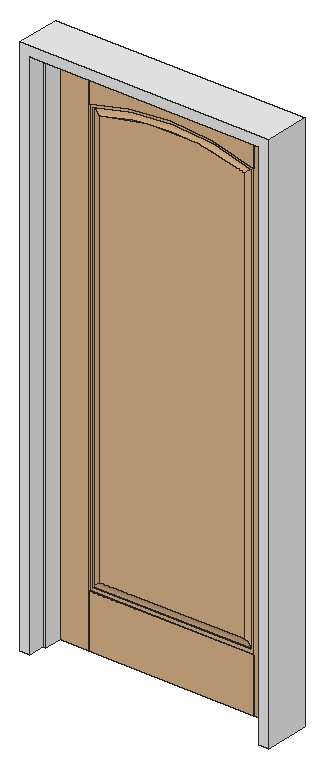
Revit family
Parameters (values of type "1 3/4" Raised Panel")
  URL = "http://www.karonadoor.com"
  Thickness Note = "Do not edit thickness."  # constant formula
  Thickness = 1.774"
  Swing Angle 2D = 90.00°
  SmartBIM Object Version = 1  # constant formula
  SmartBIM Object Created By = "Reed Construction Data"  # constant formula
  Rough Width = 0.000"
  Rough Height = 1.750"
  Panel = Panel_A6000_Karona : 1 3/4" Raised
  Model = "A6000 Mission"  # constant formula
  Manufacturer = "Karona , Inc."  # constant formula
  Door Panel = Wood, Cherry - Grain Vertical
  Detail Door Thickness = 1.750"
  Assembly Code = ""
  Top Rail Height = 5.000"
  Top Rail = Wood, Cherry - Grain Horizontal
  Stile Width = 5.063"
  Stile = Wood, Cherry - Grain Vertical
  Sticking = Wood, Cherry - Grain Vertical
  Middle Rail = Wood, Cherry - Grain Horizontal
  Height = 84.000"
  Wall Closure = (empty or 0)
  Width = 36.000"
  Frame = Metal
  Bottom Rail Height = 8.500"
  Bottom Rail = Wood, Cherry - Grain Horizontal
  95 CSI = "08210"  # constant formula
  04 CSI = "08 14 33"  # constant formula
Types (9): name | Thickness | Rough Height | Panel | Door Panel | Detail Door Thickness
  1 3/4" Flat Panel | 1.774" | 1.750" | Panel_A6000_Karona : 1 3/4" - Flat Panel | Wood, Cherry - Grain Vertical | 1.750"
  1 3/8" Flat Panel | 1.334" | 0.000" | Panel_A6000_Karona : 1 3/8" - Flat Panel | Wood, Cherry - Grain Vertical | 1.375"
  2 1/4" Flat Panel | 2.250" | 0.000" | Panel_A6000_Karona : 2 1/4" - Flat Panel | Wood, Cherry - Grain Vertical | 2.250"
  1 3/4" Glass Panel | 1.774" | 1.750" | Panel_A6000_Karona : 1 3/4" - Glass Panel | Glass | 1.750"
  1 3/8" Glass Panel | 1.334" | 0.000" | Panel_A6000_Karona : 1 3/8" - Glass Panel | Glass | 1.375"
  2 1/4" Glass Panel | 2.250" | 0.000" | Panel_A6000_Karona : 2 1/4" - Glass | Glass | 2.250"
  1 3/4" Raised Panel | 1.774" | 1.750" | Panel_A6000_Karona : 1 3/4" Raised | Wood, Cherry - Grain Vertical | 1.750"
  1 3/8" Raised Panel | 1.334" | 0.000" | Panel_A6000_Karona : 1 3/8"Raised | Wood, Cherry - Grain Vertical | 1.375"
  2 1/4" Raised Panel | 2.250" | 0.000" | Panel_A6000_Karona : 2 1/4" Raised | Wood, Cherry - Grain Vertical | 2.250"
Reference planes (in)
  plane 1 "Center (Front/Back)": y = 0
  plane 2 "Center (Left/Right)": x = 0
  plane 3 "Left": x = -18
  plane 4 "Right": x = 18
  plane 5 "Top": z = 84
  plane 6 "Exterior Edge of Frame": y = 2.334
  plane 7 "Interior Edge of Frame": y = -4.666
  plane 8: y = 0.56
  plane 9: y = -2.166
  plane 10 "Opening Left": x = -19.5
  plane 11 "Opening Right": x = 19.5
  plane 12 "Top of Opening": z = 85.5
  plane 13: x = -17.5
Forms (in)
  Sweep 1, solid, material "Metal" <- "Frame"
    path origin (0, 0, 0) x (1, 0, 0) y (0, 0, 1)
      loop
        line (-19.5, 0) -> (-19.5, 85.5) -> (19.5, 85.5) -> (19.5, 0)
    profile origin (-19.5, 0, 42.75) x (-1, 0, 0) y (0, -1, 0)
      loop
        line (0, -2.334) -> (0, 4.666) -> (-1.5, 4.666) -> (-1.5, 2.166) -> (-2, 2.166) -> (-2, -0.56) -> (-1.5, -0.56) -> (-1.5, -2.334) -> (0, -2.334)
Lines and regions (in)
  Opening 1
    outline origin (-90, -4.166, 0) x (1, 0, 0) y (0, 0, 1)
      loop
        line (70.5, 0) -> (109.5, 0) -> (109.5, 85.5) -> (70.5, 85.5) -> (70.5, 0)
  symbolic lines, style "Elevation Swing"
    curve 1: line (18, 1.834, 0) -> (-18, 1.834, 42)
    curve 2: line (-18, 1.834, 42) -> (18, 1.834, 84)
Text (in)
  text "Exterior" at (-46.13199, -14.93641, 0), in view "Ref. Level"
  text "Interior" at (-46.13199, 29.36774, 0), in view "Ref. Level"
  text "Exterior" at (0, 40.15149, 123.01588), in view "Right"
  text "Interior" at (0, -64.39139, 123.01588), in view "Right"
  text "Interior" at (0, -31.01599, 123.00693), in view "Left"
  text "Exterior" at (0, 54.57065, 123.00693), in view "Left"
Dimensions and locks (in)
  "Height": level to plane 5 "Top"
  "Width": plane 3 "Left" to plane 4 "Right"
  equal spacing: host wall, curve 2, plane 5 "Top"
  locked: host wall to plane 7 "Interior Edge of Frame" at 0.5
  locked: plane 6 "Exterior Edge of Frame" to host wall at 0.5
  locked: plane 9 to plane 7 "Interior Edge of Frame" at 2.5
  "Thickness": plane 6 "Exterior Edge of Frame" to plane 8
  equal spacing: plane 3 "Left", plane 2 "Center (Left/Right)", plane 4 "Right"
  locked: plane 4 "Right" to plane 11 "Opening Right" at 1.5
  locked: plane 5 "Top" to plane 12 "Top of Opening" at 1.5
  locked: plane 3 "Left" to plane 13 at 0.5
  locked: plane 10 "Opening Left" to plane 3 "Left" at 1.5
  aligned and locked: Opening 1 sketch curve to level
  aligned and locked: plane 4 "Right" to curve 1
  aligned and locked: plane 3 "Left" to curve 1
  aligned and locked: plane 5 "Top" to curve 2
  aligned and locked: Opening 1 sketch curve to plane 11 "Opening Right"
  aligned and locked: plane 12 "Top of Opening" to Opening 1 sketch curve
  aligned and locked: Opening 1 sketch curve to plane 10 "Opening Left"
  aligned and locked: plane 10 "Opening Left" to Sweep 1 sketch curve
  aligned and locked: plane 12 "Top of Opening" to Sweep 1 sketch curve
  aligned and locked: plane 11 "Opening Right" to Sweep 1 sketch curve
  aligned and locked: level to Sweep 1 sketch curve  (x2)
  aligned and locked: Sweep 1 sketch curve to plane 10 "Opening Left"
  aligned and locked: Sweep 1 sketch curve to plane 6 "Exterior Edge of Frame"
  aligned and locked: Sweep 1 sketch curve to plane 7 "Interior Edge of Frame"
  aligned and locked: Sweep 1 sketch curve to plane 8
  aligned and locked: Sweep 1 sketch curve to plane 9
  aligned and locked: plane 13 to Sweep 1 sketch curve
  aligned and locked: plane 3 "Left" to Sweep 1 sketch curve  (x2)
  aligned and locked: nested 2 to plane 3 "Left"
  aligned and locked: nested 2 to plane 8
  aligned and locked: nested 1 to plane 6 "Exterior Edge of Frame"
Automatic sketch dimensions
  curve 1 to level = 0.000"
  curve 2 to plane 4 "Right" = 0.000"
Nested families (in)
  nested 1: "Panel_A6000_Karona" at (-13.5, 0.45519, -1) x (-1, 0, 0) z (0, 0, 1), type <- "Panel", type "1 3/4" Raised"
  nested 2: "Door Panel Plan View" at (-31.5, 0.56, 0) x (-1, 0, 0) z (0, 0, 1), type "Door Panel Plan View"
    with Thickness 1.750", Height 84.000"
Definition of nested family "Panel_A6000_Karona"
  Parameters (values of type "1 3/4" Raised")
    Width = 36.000"
    Top Rail Material = Wood, Cherry - Grain Horizontal
    Top Rail Height = 5.000"
    Thickness Note = "Do not change door thickness"  # constant formula
    Thickness = 1.774"
    Stile Width = 5.063"
    Stile Material = Wood, Cherry - Grain Vertical
    Sticking Material = Wood, Cherry - Grain Vertical
    Radius Vertical Center = 38.92188" + Top Rail Height  # 43.92188"
    Radius = 33.63672"  # constant formula
    Panel Width = Width - (2 * Stile Width)  # 25.874"
    Panel Height = Height - (Bottom Rail + Top Rail Height)  # 70.500"
    Middle Strip Width = 3.625"
    Height = 84.000"
    Door Panel Material = Wood, Cherry - Grain Vertical
    Default Elevation = 0.000"  # constant formula
    Bottom Rail Material = Wood, Cherry - Grain Horizontal
    Bottom Rail = 8.500"
    Assembly Code = ""
    Arch Panel = Glass-Sticking-Arched-Assembly-Mission_Karona : Raised Panel
  Types (9): name | Top Rail Height | Thickness | Radius Vertical Center | Panel Height | Arch Panel
    1 3/8"Raised | 5.00013" | 1.375" | 43.922" | 70.49988" | Glass-Sticking-Arched-Assembly-Mission_Karona : Raised Panel
    2 1/4" Raised | 5.000" | 2.250" | 43.92188" | 70.500" | Glass-Sticking-Arched-Assembly-Mission_Karona : Raised Panel
    1 3/4" Raised | 5.000" | 1.774" | 43.92188" | 70.500" | Glass-Sticking-Arched-Assembly-Mission_Karona : Raised Panel
    1 3/8" - Flat Panel | 5.00013" | 1.774" | 43.922" | 70.49988" | Glass-Sticking-Arched-Assembly-Mission_Karona : Glass Panel
    1 3/8" - Glass Panel | 5.00013" | 1.375" | 43.922" | 70.49988" | Glass-Sticking-Arched-Assembly-Mission_Karona : Glass Panel
    1 3/4" - Glass Panel | 5.00013" | 1.750" | 43.922" | 70.49988" | Glass-Sticking-Arched-Assembly-Mission_Karona : Glass Panel
    1 3/4" - Flat Panel | 5.00013" | 1.774" | 43.922" | 70.49988" | Glass-Sticking-Arched-Assembly-Mission_Karona : Glass Panel
    2 1/4" - Glass | 5.00013" | 2.250" | 43.922" | 70.49988" | Glass-Sticking-Arched-Assembly-Mission_Karona : Glass Panel
    2 1/4" - Flat Panel | 5.00013" | 2.250" | 43.922" | 70.49988" | Glass-Sticking-Arched-Assembly-Mission_Karona : Glass Panel
  Reference planes (in)
    plane 1 "Center (Front/Back)": y = 0.99181
    plane 2: z = 1
    plane 3 "Center (Left/Right)": x = -13.5
    plane 4 "Left": x = -31.5
    plane 5: x = 4.5
    plane 6 "Inner Left": x = -26.437
    plane 7: x = -15.3125
    plane 8 "Inner Right": x = -0.563
    plane 9: x = -11.6875
    plane 10: z = 9.5
    plane 11 "Bottom Of Top Rail": z = 80
    plane 12 "Top": z = 85
    plane 13 "Interior Edge of Door": y = 1.87881
    plane 14 "Exterior Edge of Door": y = 0.10481
    plane 15 "Bottom of Glass": y = 0.9095
    plane 16: x = -20.87475
    plane 17: x = -6.12525
    plane 18: z = 7.6875
    plane 19: z = -140.5625
    plane 20: z = -214.6875
    plane 21: z = 5.875
    plane 22: z = 9.5
    plane 23: z = -142.375
    plane 24: z = -138.75
    plane 25: z = -212.875
    plane 26: z = -216.5
    plane 27: z = -64.625
    plane 28: z = -66.4375
    plane 29: z = -68.25
    plane 30 "Radius Vertical Center": z = 41.07812
  Forms (in)
    Extrusion 1, solid, material "Wood, Cherry - Grain Horizontal" <- "Bottom Rail Material"
      sketch origin (0, -101.3125, 8.83203) x (1, 0, 0) y (0, 0, 1)
        loop
          line (-26.437, -7.83203) -> (-0.563, -7.83203) -> (-0.563, 0.66797) -> (-26.437, 0.66797) -> (-26.437, -7.83203)
      from -103.19131 to -101.41731
    Extrusion 2, solid, material "Wood, Cherry - Grain Vertical" <- "Stile Material"
      sketch origin (0, 0.99181, 8.83203) x (1, 0, 0) y (0, 0, 1)
        loop
          line (-31.5, 76.16797) -> (-31.5, -7.83203) -> (-26.437, -7.83203) -> (-26.437, 76.16797) -> (-31.5, 76.16797)
        loop
          line (-0.563, -7.83203) -> (4.5, -7.83203) -> (4.5, 76.16797) -> (-0.563, 76.16797) -> (-0.563, -7.83203)
      from -0.887 to 0.887
    Extrusion 3, solid, material "Wood, Cherry - Grain Horizontal" <- "Top Rail Material"
      sketch origin (0, 0.99181, 0) x (1, 0, 0) y (0, 0, 1)
        loop
          line (-26.437, 85) -> (-26.437, 77.78834)
          arc (-26.437, 77.78834) -> (-13.5, 80.0012) -> (-0.563, 77.78834) r 38.92308
          line (-0.563, 77.78834) -> (-0.563, 85) -> (-26.437, 85)
      from -0.887 to 0.887
  Lines and regions (in)
    symbolic lines, style "InvisibleLines"
      curve 1: line (-13.5, 1.87881, 85) -> (-13.5, 0.10481, 85)
  Text (in)
    text "EXTERIOR" at (-34.59289, -1.27941, 0), in view "Ref. Level"
    text "EXTERIOR" at (0, -9.65287, 72.76687), in view "Left"
    text "EXTERIOR" at (0, -33.33473, 96.68074), in view "Right"
  Dimensions and locks (in)
    equal spacing: plane 4 "Left", plane 3 "Center (Left/Right)", plane 5
    "Width": plane 4 "Left" to plane 5
    "Stile Width": plane 4 "Left" to plane 6 "Inner Left"
    "Stile Width": plane 5 to plane 8 "Inner Right"
    "Middle Strip Width": plane 9 to plane 7
    equal spacing: plane 9, plane 3 "Center (Left/Right)", plane 7
    "Bottom Rail": plane 10 to plane 2
    "Top Rail Height": plane 12 "Top" to plane 11 "Bottom Of Top Rail"
    "Height": plane 12 "Top" to plane 2
    equal spacing: plane 13 "Interior Edge of Door", plane 1 "Center (Front/Back)", plane 14 "Exterior Edge of Door"
    "Thickness": plane 13 "Interior Edge of Door" to plane 14 "Exterior Edge of Door"
    locked: plane 15 "Bottom of Glass" to plane 14 "Exterior Edge of Door" at 0.80469
    equal spacing: plane 7, plane 16, plane 6 "Inner Left"
    equal spacing: plane 8 "Inner Right", plane 17, plane 9
    equal spacing: plane 25, plane 20, plane 26
    "Middle Strip Width": plane 25 to plane 26
    equal spacing: plane 24, plane 19, plane 23
    "Middle Strip Width": plane 24 to plane 23
    equal spacing: plane 22, plane 18, plane 21
    "Middle Strip Width": plane 22 to plane 21
    "Panel Height": plane 11 "Bottom Of Top Rail" to plane 22
    "Panel Height": plane 23 to plane 25
    equal spacing: plane 27, plane 28, plane 29
    "Panel Height": plane 29 to plane 24
    "Middle Strip Width": plane 27 to plane 29
    "Panel Height": plane 21 to plane 27
    "Radius Vertical Center": plane 12 "Top" to plane 30 "Radius Vertical Center"
    plane 10 to plane 26 = 226.000"
    radius of Extrusion 3 sketch curve = 38.92308"
    aligned and locked: Extrusion 1 to plane 2
    aligned and locked: plane 13 "Interior Edge of Door" to Extrusion 1
    aligned and locked: plane 4 "Left" to Extrusion 2 sketch curve
    aligned and locked: Extrusion 2 sketch curve to plane 12 "Top"
    aligned and locked: Extrusion 2 sketch curve to Extrusion 1  (x3)
    aligned and locked: Extrusion 1 to Extrusion 2 sketch curve
    aligned and locked: plane 12 "Top" to Extrusion 2 sketch curve
    aligned and locked: plane 5 to Extrusion 2 sketch curve
    aligned and locked: plane 13 "Interior Edge of Door" to Extrusion 2
    aligned and locked: Extrusion 2 to plane 14 "Exterior Edge of Door"
    aligned and locked: Extrusion 1 to Extrusion 2
    aligned and locked: Extrusion 2 to plane 8 "Inner Right"
    aligned and locked: level to plane 2
    aligned and locked: curve 1 to Extrusion 1
    aligned and locked: curve 1 to plane 3 "Center (Left/Right)"
    aligned and locked: plane 5 to Extrusion 2
    aligned and locked: Extrusion 2 to level  (x2)
    aligned and locked: Extrusion 1 to level
    aligned and locked: plane 4 "Left" to Extrusion 2
    aligned and locked: plane 12 "Top" to Extrusion 2  (x2)
    aligned and locked: Extrusion 3 sketch curve to plane 12 "Top"
    aligned and locked: Extrusion 3 sketch curve to plane 8 "Inner Right"
    aligned and locked: Extrusion 3 sketch curve to plane 6 "Inner Left"
    aligned and locked: plane 30 "Radius Vertical Center" to Extrusion 3 sketch curve
    aligned and locked: plane 3 "Center (Left/Right)" to Extrusion 3 sketch curve
    aligned and locked: plane 13 "Interior Edge of Door" to Extrusion 3
    aligned and locked: Extrusion 3 to plane 14 "Exterior Edge of Door"
    aligned and locked: plane 3 "Center (Left/Right)" to nested 1
    aligned and locked: plane 22 to nested 1
  Automatic sketch dimensions
    Extrusion 1 sketch curve to plane 6 "Inner Left" = 0.000"
    Extrusion 1 sketch curve to plane 8 "Inner Right" = 0.000"
    Extrusion 1 sketch curve to level = 0.000"
    Extrusion 1 sketch curve to plane 10 = 0.000"
    curve 1 to plane 14 "Exterior Edge of Door" = 0.000"
  Nested families (in)
    nested 1: "Glass-Sticking-Arched-Assembly-Mission_Karona" at (-13.96875, 1.13031, 9.5), Width <- "Panel Width", Height <- "Panel Height", type <- "Arch Panel", type "Raised Panel"
      with Width 25.874", Radius 38.922", Height 70.500", Drop 2.21293", Curve Adjustment 38.922"
  Definition of nested family "Glass-Sticking-Arched-Assembly-Mission_Karona"
    Parameters (values of type "Raised Panel")
      Curve Adjustment [instance] = Height - (Height - Radius)  # 38.922"
      Width [instance] = 16.000"
      Stop Adjustment = if(and(not(Glass Panel), Door Thickness = 1.774"), 0.513", if(and(not(Glass Panel), Door Thickness = 2.250"), 0.513", if((Glass Panel), 0.125", 0.273")))  # 0.513"
      Radius [instance] = 38.922"  # constant formula
      Profile = Wood, Cherry - Grain Vertical
      Height [instance] = 17.875"
      Raised Panel = yes
      Interior Panel = Wood, Cherry - Grain Vertical
      Glass Panel = no
      Drop [instance] = Radius - (sqrt((Radius ^ 2) - ((0.5 * Width) ^ 2)))  # 0.83103"
      Door Thickness = 1.774"
      C = if(Door Thickness = 1.774", 0.200", if(Door Thickness = 2.250", 0.439", 0.191"))  # 0.200"
      B = if(Door Thickness = 1.774", 0.567", if(Door Thickness = 2.250", 0.803", 0.469"))  # 0.567"
      Assembly Code = ""
      A = if(Door Thickness = 1.774", 0.197", if(Door Thickness = 2.250", 0.433", 0.194"))  # 0.197"
    Types (3): name | Width | Stop Adjustment | Raised Panel | Interior Panel | Glass Panel | Drop | Door Thickness | C | B | A
      Glass Panel | 19.000" | 0.125" | no | Glass | yes | 1.17717" | 1.375" | 0.191" | 0.469" | 0.194"
      Flat Panel | 4.500" | 0.513" | no | Wood, Cherry - Grain Vertical | no | 0.06509" | 1.774" | 0.200" | 0.567" | 0.197"
      Raised Panel | 16.000" | 0.513" | yes | Wood, Cherry - Grain Vertical | no | 0.83103" | 1.774" | 0.200" | 0.567" | 0.197"
    Reference planes (in)
      plane 1 "Stop Adjustment Edge": y = -0.3455
      plane 2 "Bottom": z = 0
      plane 3 "Center (Left/Right)": x = 0.46875
      plane 4 "Back": y = 0.7365
      plane 5 "Front": y = -1.0375
      plane 6 "Left": x = -7.53125
      plane 7 "Right": x = 8.46875
      plane 8 "Top": z = 17.875
      plane 9 "Center (Up/Down)": z = 8.9375
      plane 10 "Bottom of Stop": y = 0.1675
      plane 11 "Bottom of Glass": y = -0.4705
      plane 12 "Right Edge of Glass": x = 8.41875
      plane 13 "Left Edge of Glass": x = -7.48125
      plane 14 "Top Edge of Glass": z = 17.78125
      plane 15 "Bottom Edge of Glass": z = 0.09375
      plane 16: x = 8.34375
      plane 17: x = 9.40625
      plane 18 "A": y = -0.8405
      plane 19 "C": y = 0.5365
      plane 20: z = 0.438
      plane 21: z = 17.437
      plane 22: x = -7.09325
      plane 23: x = 8.03075
      plane 24 "Center (Front/Back)": y = -0.1505
      plane 25: z = 17.04397
      plane 26: z = -21.047
      plane 27: z = 18.875
    Forms (in)
      Sweep 1, solid, material "Wood, Cherry - Grain Vertical" <- "Profile"
        path origin (0, -0.3455, 0) x (1, 0, 0) y (0, 0, 1)
          loop
            arc (8.46875, 17.04397) -> (0.46875, 17.875) -> (-7.53125, 17.04397) r 38.922
            line (-7.53125, 17.04397) -> (-7.53125, 0) -> (8.46875, 0) -> (8.46875, 17.04397)
        profile origin (8.46875, -0.3455, 8.52199) x (0, -1, 0) y (1, 0, 0)
          loop
            line (-0.882, 0) -> (-0.882, -0.438) -> (-0.513, -0.438) -> (-0.513, -0.05) -> (0.125, -0.05) -> (0.125, -0.438) -> (0.495, -0.438) -> (0.495, 0) -> (-0.882, 0)
      Extrusion 2, solid, material "Wood, Cherry - Grain Vertical" <- "Interior Panel"
        sketch origin (0, 0, 0) x (1, 0, 0) y (0, 1, 0)
          loop
            line (-7.48125, 0.1675) -> (-7.48125, -0.4705) -> (8.41875, -0.4705) -> (8.41875, 0.1675) -> (-7.48125, 0.1675)
        from 0.09375 to 17.78125
      Extrusion 3, solid, material "Wood, Cherry - Grain Vertical" <- "Profile", visible <- "Raised Panel"
        sketch origin (0, 0, 0) x (1, 0, 0) y (0, 1, 0)
          loop
            line (8.03075, 0.5365) -> (-7.09325, 0.5365) -> (-7.09325, 0.1675) -> (8.03075, 0.1675) -> (8.03075, 0.5365)
          loop
            line (-7.09325, -0.4705) -> (-7.09325, -0.8405) -> (8.03075, -0.8405) -> (8.03075, -0.4705) -> (-7.09325, -0.4705)
        from 0.438 to 17.437
      Sweep 4, void
        path origin (0, 0.1675, 0) x (-1, 0, 0) y (0, 0, 1)
          loop
            line (7.53125, 0) -> (7.53125, 17.04397)
            arc (7.53125, 17.04397) -> (-0.46875, 17.875) -> (-8.46875, 17.04397) r 38.922
            line (-8.46875, 17.04397) -> (-8.46875, 0) -> (7.53125, 0)
        profile "Profile : 05" origin (-7.53125, 0.1675, 8.52199) x (1, 0, 0) y (0, 1, 0)
          loop
            line (0, 0.05) -> (0.36169, 0.05096)
            arc (0.36169, 0.05096) -> (1.01257, 0.13642) -> (1.61934, 0.387) r 2.52143
            line (1.61934, 0.387) -> (0, 0.387) -> (0, 0.05)
      Sweep 5, void
        path origin (0, -0.4705, 0) x (-1, 0, 0) y (0, 0, 1)
          loop
            line (-8.46875, 17.04397) -> (-8.46875, 0) -> (7.53125, 0) -> (7.53125, 17.04397)
            arc (7.53125, 17.04397) -> (-0.46875, 17.875) -> (-8.46875, 17.04397) r 38.922
        profile "Profile : 05" origin (8.46875, -0.4705, 8.52199) x (-1, 0, 0) y (0, 1, 0)
          loop
            line (0, -0.05) -> (0, -0.387) -> (1.61934, -0.387)
            arc (1.61934, -0.387) -> (1.01257, -0.13642) -> (0.36169, -0.05096) r 2.52143
            line (0.36169, -0.05096) -> (0, -0.05)
      Extrusion 6, void
        sketch origin (0, 0.7365, 0) x (-1, 0, 0) y (0, 0, 1)
          loop
            line (7.53125, 18.875) -> (-8.46875, 18.875) -> (-8.46875, 17.04397)
            arc (-8.46875, 17.04397) -> (-0.46875, 17.875) -> (7.53125, 17.04397) r 38.922
            line (7.53125, 17.04397) -> (7.53125, 18.875)
        from 0 to -1.774
    Cuts and joins
      Sweep 4, Sweep 5, Extrusion 6 cuts Extrusion 3
    Text (in)
      text "INTERIOR" at (-14.3788, 3.49864, 0), in view "Ref. Level"
    Dimensions and locks (in)
      equal spacing: plane 6 "Left", plane 3 "Center (Left/Right)", plane 7 "Right"
      "Width": plane 6 "Left" to plane 7 "Right"
      "Door Thickness": plane 4 "Back" to plane 5 "Front"
      "Height": plane 8 "Top" to plane 2 "Bottom"
      equal spacing: plane 8 "Top", plane 9 "Center (Up/Down)", level
      locked: plane 1 "Stop Adjustment Edge" to plane 11 "Bottom of Glass" at 0.125
      "Stop Adjustment": plane 10 "Bottom of Stop" to plane 1 "Stop Adjustment Edge"
      locked: plane 12 "Right Edge of Glass" to plane 7 "Right" at 0.05
      locked: plane 8 "Top" to plane 14 "Top Edge of Glass" at 0.09375
      locked: plane 15 "Bottom Edge of Glass" to level at 0.09375
      locked: plane 6 "Left" to plane 13 "Left Edge of Glass" at 0.05
      "B": plane 5 "Front" to plane 11 "Bottom of Glass"
      locked: plane 16 to plane 7 "Right" at 0.125
      "A": plane 5 "Front" to plane 18 "A"
      "C": plane 19 "C" to plane 4 "Back"
      plane 4 "Back" to Sweep 1 = 0.569"
      locked: plane 20 to level at 0.438
      locked: plane 8 "Top" to plane 21 at 0.438
      locked: plane 6 "Left" to plane 22 at 0.438
      locked: plane 23 to plane 7 "Right" at 0.438
      equal spacing: plane 4 "Back", plane 24 "Center (Front/Back)", plane 5 "Front"
      "Drop": plane 8 "Top" to plane 25
      "Curve Adjustment": plane 8 "Top" to plane 26
      locked: plane 27 to plane 8 "Top" at 1
      "Radius": radius of Extrusion 6 sketch curve
      "Radius": radius of Sweep 5 sketch curve
      aligned and locked: Sweep 1 sketch curve to plane 7 "Right"
      aligned and locked: Sweep 1 sketch curve to plane 6 "Left"
      aligned and locked: Sweep 1 sketch curve to level
      aligned and locked: plane 7 "Right" to Sweep 1 sketch curve
      aligned and locked: plane 10 "Bottom of Stop" to Sweep 1 sketch curve
      aligned and locked: plane 11 "Bottom of Glass" to Sweep 1 sketch curve
      aligned and locked: plane 18 "A" to Sweep 1 sketch curve
      aligned and locked: Sweep 1 sketch curve to plane 19 "C"
      aligned and locked: Extrusion 2 sketch curve to plane 13 "Left Edge of Glass"
      aligned and locked: Extrusion 2 sketch curve to plane 10 "Bottom of Stop"
      aligned and locked: Extrusion 2 sketch curve to plane 11 "Bottom of Glass"
      aligned and locked: Extrusion 2 sketch curve to plane 12 "Right Edge of Glass"
      aligned and locked: plane 14 "Top Edge of Glass" to Extrusion 2
      aligned and locked: Extrusion 2 to plane 15 "Bottom Edge of Glass"
      aligned and locked: Extrusion 3 sketch curve to plane 19 "C"
      aligned and locked: Extrusion 3 sketch curve to plane 10 "Bottom of Stop"
      aligned and locked: Extrusion 3 sketch curve to plane 11 "Bottom of Glass"
      aligned and locked: Extrusion 3 sketch curve to plane 18 "A"
      aligned and locked: Extrusion 3 to plane 20
      aligned and locked: Extrusion 3 to plane 21
      aligned and locked: plane 12 "Right Edge of Glass" to Sweep 1 sketch curve
      aligned and locked: plane 23 to Extrusion 3 sketch curve  (x2)
      aligned and locked: Extrusion 3 sketch curve to plane 22  (x2)
      aligned and locked: plane 23 to Sweep 1 sketch curve  (x2)
      aligned and locked: Sweep 5 sketch curve to plane 6 "Left"
      aligned and locked: Sweep 5 sketch curve to plane 7 "Right"
      aligned and locked: level to Sweep 5 sketch curve
      aligned and locked: Sweep 4 sketch curve to plane 7 "Right"
      aligned and locked: Sweep 4 sketch curve to plane 6 "Left"
      aligned and locked: level to Sweep 4 sketch curve
      aligned and locked: plane 2 "Bottom" to level
      aligned and locked: Sweep 4 sketch curve to Sweep 1
      aligned and locked: plane 6 "Left" to Extrusion 6 sketch curve
      aligned and locked: Extrusion 6 to plane 5 "Front"
      aligned and locked: plane 26 to Extrusion 6 sketch curve
      aligned and locked: plane 3 "Center (Left/Right)" to Extrusion 6 sketch curve
      aligned and locked: Extrusion 6 sketch curve to plane 27
      aligned and locked: plane 7 "Right" to Extrusion 6 sketch curve
      aligned and locked: plane 26 to Sweep 5 sketch curve
      aligned and locked: plane 3 "Center (Left/Right)" to Sweep 5 sketch curve
    Automatic sketch dimensions
      Sweep 1 sketch curve to plane 26 = 0.000"
      Sweep 1 sketch curve to plane 3 "Center (Left/Right)" = 0.000"
      Sweep 1 sketch curve to plane 25 = 0.000"
      Sweep 5 sketch curve to plane 6 "Left" = 0.000"
Definition of nested family "Door Panel Plan View"
  Parameters (values of type "Door Panel Plan View")
    Width = 36.000"
    Thickness = 2.000"
    Swing Angle 2D = 90.00°
    Height = 0.000"
    Assembly Code = ""
  Reference planes (in)
    plane 1 "Center (Front/Back)": y = 0
    plane 2: z = 0
    plane 3 "Center (Left/Right)": x = -13.5
  Lines and regions (in)
    symbolic lines, style "DoorsPanelProjection"
      curve 1: line (-13.5, 0, 0) -> (-13.5, 36, 0)
      curve 2: line (-15.5, 0, 0) -> (-15.5, 36, 0)
      curve 3: line (-13.5, 0, 0) -> (-15.5, 0, 0)
      curve 4: line (-13.5, 36, 0) -> (-15.5, 36, 0)
    symbolic lines, style "Plan Swing"
      curve 5: arc (-13.5, 36, 0) -> (-38.95584, 25.45584, 0) -> (-49.5, 0, 0) r 36
  Dimensions and locks (in)
    "Width": curve 4 to curve 3
    "Thickness": curve 1 to curve 2
    "Swing Angle 2D": angle curve 1 to plane 1 "Center (Front/Back)"
    aligned and locked: plane 1 "Center (Front/Back)" to curve 5
  Automatic sketch dimensions
    curve 3 to plane 1 "Center (Front/Back)" = 0.000"
    curve 5 to plane 3 "Center (Left/Right)" = 0.000"
    curve 3 to plane 3 "Center (Left/Right)" = 0.000"
